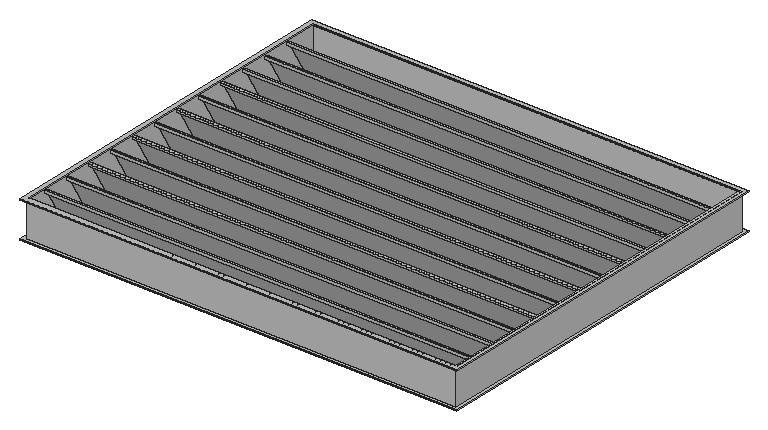
Revit family "Louver-Flanged_Frame-Carnes-Rectangular-Drainable_Blade-FTCB", category Air Terminals, host Face, Revit 2012
Parameters (values of type "(See Type Catalog)")
  ecoScorecard_data = ""
  ecoScorecard Product Page = "http://ecoscorecard.com/"
  URL = "http://www.carnes.com/index.html"
  Subcategory = "Louvers and Dampers"
  Specifications  URL = "http://www.carnes.com/Louvers/pdf/17126.pdf"
  Product Page URL = "http://www.carnes.com/Louvers/FPCB-FTCB.htm"
  Product Line = "Extruded Aluminum Drainable Blade Louvers"
  Pressure Drop = 0.00 Pa
  Point of Water Penetration = 1250 FPM
  Outside Width = Louver Width Control + 3/4" * 2  # 73 1/2"
  Outside Height = Louver Height Control + 3/4" * 2  # 61 1/2"
  Model = "FTCB"
  Minimum Size = "12\"W x 12\"H"
  Meets Building Code Standards = "Licensed to bear the AMCA seal"
  Maximum Vertical Size = "84\"W x 120\"H"
  Maximum Size Note = "Drainable blade louvers should be limited to 10’ maximum section widths (no more than 10’ between vertical downspouts) to enable the drainable design to function"
  Maximum Horinzontal Size = "120\"W x 84\"H"
  Manufacturer = "Carnes Company"
  Louver Width Control = if(Louver Width < 12", 12", if(Louver Width > 120", 120", Louver Width))  # 72"
  Louver Height Control = if(Louver Height < 12", 12", if(Louver Height > 120", 120", Louver Height))  # 60"
  Free Area Note = "See Spec Sheet URL"
  Free Area = 0.00 SF
  Description = "Extruded Aluminum Drainable Blade Louvers"
  Connector Description 1 = "Duct Connetor"
  Blades Quantity [instance] = (Louver Height Control - (Blade Offset from Frame - 3/4")) / 4 5/8"  # 12
  Manufacturer Phone = "608-845-6411"
  Manufacturer Fax = "608-845-6470"
  Manufacturer Email = "mailto:carnes@carnes.com"
  Manufacturer Address = "448 S. Main St., P. O. Box 930040, Verona, WI 53593-0040"
  Louver Width = 72"
  Louver Length = 6.2"
  Louver Height = 60"
  Blades Length [instance] = Louver Length - 1/2"  # 5.7"
  Frame Material = Aluminum - Carnes - Extruded
  Default Elevation = 48"
  Cost Info = "mailto:carnes@carnes.com"
  Catalog URL = "http://www.carnes.com/Louvers/pdf/f26-27.pdf"
  Symbol Blades Quantity = Louver Width / 3"  # 24
  Blade Offset from Frame [instance] = 4 1/2"
  Blade Material = Aluminum - Carnes - Extruded
  Assembly Code = "D3090700"
  Airflow = 0 CFM
  95 CSI = "10200"
  04 CSI = "08 91 00"
Reference planes (in)
  plane 1 "Center (Elevation)": y = 0
  plane 2: z = 0
  plane 3 "Center (Left/Right)": x = 0
  plane 4 "Rear": z = -6.2
  plane 5: z = -0.125
  plane 6: z = -6.075
  plane 7: z = -3.1
  plane 8: x = -36
  plane 9: x = 36
  plane 10: x = -36.75
  plane 11: x = 36.75
  plane 12: y = 30
  plane 13: y = -30
  plane 14: y = 30.75
  plane 15: y = -30.75
  plane 16 "Blade CL": y = 26.25
Forms (in)
  Extrusion 1, solid, material "Aluminum - Carnes - Extruded" <- "Frame Material"
    sketch origin (0, 0, 0) x (1, 0, 0) y (0, 1, 0)
      loop
        line (-36.75, 30.75) -> (-36.75, -30.75) -> (36.75, -30.75) -> (36.75, 30.75) -> (-36.75, 30.75)
      loop
        line (-36, 30) -> (-36, -30) -> (36, -30) -> (36, 30) -> (-36, 30)
    from -0.125 to 0
  Extrusion 2, solid, material "Aluminum - Carnes - Extruded" <- "Frame Material"
    sketch origin (0, 0, 0) x (1, 0, 0) y (0, 1, 0)
      loop
        line (-36.75, 30.75) -> (-36.75, -30.75) -> (36.75, -30.75) -> (36.75, 30.75) -> (-36.75, 30.75)
      loop
        line (-36, 30) -> (-36, -30) -> (36, -30) -> (36, 30) -> (-36, 30)
    from -6.2 to -6.075
  Extrusion 3, solid, material "Aluminum - Carnes - Extruded" <- "Frame Material"
    sketch origin (0, 0, 0) x (1, 0, 0) y (0, 1, 0)
      loop
        line (-36, 30) -> (-36, -30) -> (36, -30) -> (36, 30) -> (-36, 30)
      loop
        line (-36.125, 30.125) -> (-36.125, -30.125) -> (36.125, -30.125) -> (36.125, 30.125) -> (-36.125, 30.125)
    from -6.075 to -0.125
Lines and regions (in)
  Masking region 1, detail levels coarse
    outline origin (0, 0, 0) x (1, 0, 0) y (0, 0, 1)
      loop
        line (36.75, 0) -> (-36.75, 0) -> (-36.75, -6.2) -> (36.75, -6.2) -> (36.75, 0)
  Masking region 2, detail levels medium+fine
    outline origin (0, 0, 0) x (1, 0, 0) y (0, 0, 1)
      loop
        line (36.75, 0) -> (-36.75, 0) -> (-36.75, -0.125) -> (-36.125, -0.125) -> (-36.125, -6.075) -> (-36.75, -6.075) -> (-36.75, -6.2) -> (36.75, -6.2) -> (36.75, -6.075) -> (36.125, -6.075) -> (36.125, -0.125) -> (36.75, -0.125) -> (36.75, 0)
  symbolic lines, detail levels fine
    curve 1: line (36.125, 0, -0.125) -> (-36.125, 0, -0.125)
    curve 2: line (36.125, 0, -6.075) -> (-36.125, 0, -6.075)
  symbolic lines
    curve 3: line (36, 0, -0.1875) -> (35.52861, 0, -0.1875)
    curve 4: line (32.3704, 0, -6.0125) -> (33.94951, 0, -3.1)
    curve 5: line (33.94951, 0, -3.1) -> (35.52861, 0, -0.1875)
    curve 6: line (33, 0, -0.1875) -> (32.52861, 0, -0.1875)
    curve 7: line (29.3704, 0, -6.0125) -> (30.94951, 0, -3.1)
    curve 8: line (30.94951, 0, -3.1) -> (32.52861, 0, -0.1875)
    curve 9: line (30, 0, -0.1875) -> (29.52861, 0, -0.1875)
    curve 10: line (26.3704, 0, -6.0125) -> (27.94951, 0, -3.1)
    curve 11: line (27.94951, 0, -3.1) -> (29.52861, 0, -0.1875)
    curve 12: line (27, 0, -0.1875) -> (26.52861, 0, -0.1875)
    curve 13: line (23.3704, 0, -6.0125) -> (24.94951, 0, -3.1)
    curve 14: line (24.94951, 0, -3.1) -> (26.52861, 0, -0.1875)
    curve 15: line (24, 0, -0.1875) -> (23.52861, 0, -0.1875)
    curve 16: line (20.3704, 0, -6.0125) -> (21.94951, 0, -3.1)
    curve 17: line (21.94951, 0, -3.1) -> (23.52861, 0, -0.1875)
    curve 18: line (21, 0, -0.1875) -> (20.52861, 0, -0.1875)
    curve 19: line (17.3704, 0, -6.0125) -> (18.94951, 0, -3.1)
    curve 20: line (18.94951, 0, -3.1) -> (20.52861, 0, -0.1875)
    curve 21: line (18, 0, -0.1875) -> (17.52861, 0, -0.1875)
    curve 22: line (14.3704, 0, -6.0125) -> (15.94951, 0, -3.1)
    curve 23: line (15.94951, 0, -3.1) -> (17.52861, 0, -0.1875)
    curve 24: line (15, 0, -0.1875) -> (14.52861, 0, -0.1875)
    curve 25: line (11.3704, 0, -6.0125) -> (12.94951, 0, -3.1)
    curve 26: line (12.94951, 0, -3.1) -> (14.52861, 0, -0.1875)
    curve 27: line (12, 0, -0.1875) -> (11.52861, 0, -0.1875)
    curve 28: line (8.3704, 0, -6.0125) -> (9.94951, 0, -3.1)
    curve 29: line (9.94951, 0, -3.1) -> (11.52861, 0, -0.1875)
    curve 30: line (9, 0, -0.1875) -> (8.52861, 0, -0.1875)
    curve 31: line (5.3704, 0, -6.0125) -> (6.94951, 0, -3.1)
    curve 32: line (6.94951, 0, -3.1) -> (8.52861, 0, -0.1875)
    curve 33: line (6, 0, -0.1875) -> (5.52861, 0, -0.1875)
    curve 34: line (2.3704, 0, -6.0125) -> (3.94951, 0, -3.1)
    curve 35: line (3.94951, 0, -3.1) -> (5.52861, 0, -0.1875)
    curve 36: line (3, 0, -0.1875) -> (2.52861, 0, -0.1875)
    curve 37: line (-0.6296, 0, -6.0125) -> (0.94951, 0, -3.1)
    curve 38: line (0.94951, 0, -3.1) -> (2.52861, 0, -0.1875)
    curve 39: line (0, 0, -0.1875) -> (-0.47139, 0, -0.1875)
    curve 40: line (-3.6296, 0, -6.0125) -> (-2.05049, 0, -3.1)
    curve 41: line (-2.05049, 0, -3.1) -> (-0.47139, 0, -0.1875)
    curve 42: line (-3, 0, -0.1875) -> (-3.47139, 0, -0.1875)
    curve 43: line (-6.6296, 0, -6.0125) -> (-5.05049, 0, -3.1)
    curve 44: line (-5.05049, 0, -3.1) -> (-3.47139, 0, -0.1875)
    curve 45: line (-6, 0, -0.1875) -> (-6.47139, 0, -0.1875)
    curve 46: line (-9.6296, 0, -6.0125) -> (-8.05049, 0, -3.1)
    curve 47: line (-8.05049, 0, -3.1) -> (-6.47139, 0, -0.1875)
    curve 48: line (-9, 0, -0.1875) -> (-9.47139, 0, -0.1875)
    curve 49: line (-12.6296, 0, -6.0125) -> (-11.05049, 0, -3.1)
    curve 50: line (-11.05049, 0, -3.1) -> (-9.47139, 0, -0.1875)
    curve 51: line (-12, 0, -0.1875) -> (-12.47139, 0, -0.1875)
    curve 52: line (-15.6296, 0, -6.0125) -> (-14.05049, 0, -3.1)
    curve 53: line (-14.05049, 0, -3.1) -> (-12.47139, 0, -0.1875)
    curve 54: line (-15, 0, -0.1875) -> (-15.47139, 0, -0.1875)
    curve 55: line (-18.6296, 0, -6.0125) -> (-17.05049, 0, -3.1)
    curve 56: line (-17.05049, 0, -3.1) -> (-15.47139, 0, -0.1875)
    curve 57: line (-18, 0, -0.1875) -> (-18.47139, 0, -0.1875)
    curve 58: line (-21.6296, 0, -6.0125) -> (-20.05049, 0, -3.1)
    curve 59: line (-20.05049, 0, -3.1) -> (-18.47139, 0, -0.1875)
    curve 60: line (-21, 0, -0.1875) -> (-21.47139, 0, -0.1875)
    curve 61: line (-24.6296, 0, -6.0125) -> (-23.05049, 0, -3.1)
    curve 62: line (-23.05049, 0, -3.1) -> (-21.47139, 0, -0.1875)
    curve 63: line (-24, 0, -0.1875) -> (-24.47139, 0, -0.1875)
    curve 64: line (-27.6296, 0, -6.0125) -> (-26.05049, 0, -3.1)
    curve 65: line (-26.05049, 0, -3.1) -> (-24.47139, 0, -0.1875)
    curve 66: line (-27, 0, -0.1875) -> (-27.47139, 0, -0.1875)
    curve 67: line (-30.6296, 0, -6.0125) -> (-29.05049, 0, -3.1)
    curve 68: line (-29.05049, 0, -3.1) -> (-27.47139, 0, -0.1875)
    curve 69: line (-30, 0, -0.1875) -> (-30.47139, 0, -0.1875)
    curve 70: line (-33.6296, 0, -6.0125) -> (-32.05049, 0, -3.1)
    curve 71: line (-32.05049, 0, -3.1) -> (-30.47139, 0, -0.1875)
    curve 72: line (-33, 0, -0.1875) -> (-33.47139, 0, -0.1875)
    curve 73: line (-36.6296, 0, -6.0125) -> (-35.05049, 0, -3.1)
    curve 74: line (-35.05049, 0, -3.1) -> (-33.47139, 0, -0.1875)
    curve 75: line (32.3704, 0, -6.0125) -> (31.8704, 0, -6.0125)
    curve 76: line (29.3704, 0, -6.0125) -> (28.8704, 0, -6.0125)
    curve 77: line (26.3704, 0, -6.0125) -> (25.8704, 0, -6.0125)
    curve 78: line (23.3704, 0, -6.0125) -> (22.8704, 0, -6.0125)
    curve 79: line (20.3704, 0, -6.0125) -> (19.8704, 0, -6.0125)
    curve 80: line (17.3704, 0, -6.0125) -> (16.8704, 0, -6.0125)
    curve 81: line (14.3704, 0, -6.0125) -> (13.8704, 0, -6.0125)
    curve 82: line (11.3704, 0, -6.0125) -> (10.8704, 0, -6.0125)
    curve 83: line (8.3704, 0, -6.0125) -> (7.8704, 0, -6.0125)
    curve 84: line (5.3704, 0, -6.0125) -> (4.8704, 0, -6.0125)
    curve 85: line (2.3704, 0, -6.0125) -> (1.8704, 0, -6.0125)
    curve 86: line (-0.6296, 0, -6.0125) -> (-1.1296, 0, -6.0125)
    curve 87: line (-3.6296, 0, -6.0125) -> (-4.1296, 0, -6.0125)
    curve 88: line (-6.6296, 0, -6.0125) -> (-7.1296, 0, -6.0125)
    curve 89: line (-9.6296, 0, -6.0125) -> (-10.1296, 0, -6.0125)
    curve 90: line (-12.6296, 0, -6.0125) -> (-13.1296, 0, -6.0125)
    curve 91: line (-15.6296, 0, -6.0125) -> (-16.1296, 0, -6.0125)
    curve 92: line (-18.6296, 0, -6.0125) -> (-19.1296, 0, -6.0125)
    curve 93: line (-21.6296, 0, -6.0125) -> (-22.1296, 0, -6.0125)
    curve 94: line (-24.6296, 0, -6.0125) -> (-25.1296, 0, -6.0125)
    curve 95: line (-27.6296, 0, -6.0125) -> (-28.1296, 0, -6.0125)
    curve 96: line (-30.6296, 0, -6.0125) -> (-31.1296, 0, -6.0125)
    curve 97: line (-33.6296, 0, -6.0125) -> (-34.1296, 0, -6.0125)
    curve 98: line (-36.6296, 0, -6.0125) -> (-37.1296, 0, -6.0125)
Dimensions and locks (in)
  equal spacing: plane 15, plane 1 "Center (Elevation)", plane 14
  locked: plane 2 to plane 5 at 0.125
  locked: plane 6 to plane 4 "Rear" at 0.125
  "Louver Length": plane 2 to plane 4 "Rear"
  equal spacing: plane 5, plane 7, plane 6
  "Blade Offset from Frame": plane 14 to plane 16 "Blade CL"
  equal spacing: group 1, group 2, group 3, group 4, group 5, group 6, group 7, group 8, group 9, group 10, group 11, group 12  (x2)
  equal spacing: group 12, group 11, group 10, group 9, group 8, group 7, group 6, group 5, group 4, group 3, group 2, group 1
  locked: nested 1 to nested 2 at 4.64
  "Outside Height": plane 14 to plane 15
  equal spacing: plane 8, plane 3 "Center (Left/Right)", plane 9
  "Louver Width": plane 8 to plane 9
  equal spacing: plane 10, plane 3 "Center (Left/Right)", plane 11
  "Outside Width": plane 10 to plane 11
  equal spacing: plane 13, plane 1 "Center (Elevation)", plane 12
  "Louver Height": plane 13 to plane 12
  locked: curve 3 to plane 5 at 0.0625
  equal spacing: group 36, group 35, group 34, group 33, group 32, group 31, group 30, group 29, group 28, group 27, group 26, group 25, group 24, group 23, group 22, group 21, group 20, group 19, group 18, group 17, group 16, group 15, group 14, group 13
  equal spacing: group 13, group 14, group 15, group 16, group 17, group 18, group 19, group 20, group 21, group 22, group 23, group 24, group 25, group 26, group 27, group 28, group 29, group 30, group 31, group 32, group 33, group 34, group 35, group 36  (x2)
  locked: curve 51 to plane 5 at 0.0625
  locked: curve 5 to curve 8 at 3
  locked: plane 6 to curve 75 at 0.0625
  locked: curve 75 to plane 9 at 4.1296
  aligned and locked: plane 2 to host face
  aligned and locked: host face to level
  aligned and locked: plane 10 to Extrusion 1 sketch curve
  aligned and locked: Extrusion 1 sketch curve to plane 14
  aligned and locked: plane 15 to Extrusion 1 sketch curve
  aligned and locked: plane 11 to Extrusion 1 sketch curve
  aligned and locked: plane 8 to Extrusion 1 sketch curve
  aligned and locked: Extrusion 1 sketch curve to plane 12
  aligned and locked: plane 13 to Extrusion 1 sketch curve
  aligned and locked: plane 9 to Extrusion 1 sketch curve
  aligned and locked: Extrusion 1 to plane 5
  aligned and locked: plane 2 to Extrusion 1
  aligned and locked: Extrusion 2 sketch curve to Extrusion 1  (x6)
  aligned and locked: Extrusion 1 to Extrusion 2 sketch curve  (x2)
  aligned and locked: plane 6 to Extrusion 2
  aligned and locked: Extrusion 2 to plane 4 "Rear"
  aligned and locked: plane 8 to Extrusion 3 sketch curve
  aligned and locked: Extrusion 3 sketch curve to Extrusion 1  (x3)
  aligned and locked: plane 5 to Extrusion 3
  aligned and locked: Extrusion 3 to plane 6
  aligned and locked: plane 7 to nested 1
  aligned and locked: nested 1 to plane 16 "Blade CL"
  aligned and locked: plane 11 to Masking region 1 sketch curve
  aligned and locked: Masking region 1 sketch curve to plane 2
  aligned and locked: plane 4 "Rear" to Masking region 1 sketch curve
  aligned and locked: plane 10 to Masking region 1 sketch curve
  aligned and locked: Masking region 2 sketch curve to level
  aligned and locked: Masking region 2 sketch curve to plane 11  (x2)
  aligned and locked: plane 5 to Masking region 2 sketch curve  (x2)
  aligned and locked: Masking region 2 sketch curve to Extrusion 3  (x2)
  aligned and locked: plane 6 to Masking region 2 sketch curve  (x2)
  aligned and locked: plane 4 "Rear" to Masking region 2 sketch curve
  aligned and locked: Masking region 2 sketch curve to plane 10  (x2)
  aligned and locked: Extrusion 3 to curve 1  (x2)
  aligned and locked: curve 1 to plane 5
  aligned and locked: Extrusion 3 to curve 2  (x2)
  aligned and locked: curve 2 to plane 6
Automatic sketch dimensions
  Extrusion 3 sketch curve to plane 8 = 1/8"
  Extrusion 3 sketch curve to plane 9 = 1/8"
  plane 13 to Extrusion 3 sketch curve = 1/8"
  plane 12 to Extrusion 3 sketch curve = 1/8"
  host sketch curve to host sketch curve = 122.28147"
  host sketch curve to host sketch curve = 173.35151"
  curve 4 to curve 5 = 3.31304"  (x4)
  curve 3 to curve 3 = 0.47139"
  curve 75 to curve 75 = 1/2"
  curve 76 to curve 76 = 1/2"
  curve 77 to curve 77 = 1/2"
  curve 78 to curve 78 = 1/2"
  curve 79 to curve 79 = 1/2"
  curve 80 to curve 80 = 1/2"
  curve 81 to curve 81 = 1/2"
  curve 82 to curve 82 = 1/2"
  curve 83 to curve 83 = 1/2"
  curve 84 to curve 84 = 1/2"
  curve 85 to curve 85 = 1/2"
  curve 86 to curve 86 = 1/2"
  curve 87 to curve 87 = 1/2"
  curve 88 to curve 88 = 1/2"
  curve 89 to curve 89 = 1/2"
  curve 90 to curve 90 = 1/2"
  curve 91 to curve 91 = 1/2"
  curve 92 to curve 92 = 1/2"
  curve 93 to curve 93 = 1/2"
  curve 94 to curve 94 = 1/2"
  curve 95 to curve 95 = 1/2"
  curve 96 to curve 96 = 1/2"
  curve 97 to curve 97 = 1/2"
  curve 98 to curve 98 = 1/2"
Nested families (in)
  nested 1: "Louver_Blade-Carnes" at (0, 26.25, -3.1), type "Standard"
    with Width 72", Length 5.7"
  nested 2: "Louver_Blade-Carnes" at (0, 21.61, -3.09583), type "Standard"
    with Width 72", Length 5.7"
  nested 3: "Louver_Blade-Carnes" at (0, 16.97, -3.09167), type "Standard"
    with Width 72", Length 5.7"
  nested 4: "Louver_Blade-Carnes" at (0, 12.33, -3.0875), type "Standard"
    with Width 72", Length 5.7"
  nested 5: "Louver_Blade-Carnes" at (0, 7.69, -3.08333), type "Standard"
    with Width 72", Length 5.7"
  nested 6: "Louver_Blade-Carnes" at (0, 3.05, -3.07917), type "Standard"
    with Width 72", Length 5.7"
  nested 7: "Louver_Blade-Carnes" at (0, -1.59, -3.075), type "Standard"
    with Width 72", Length 5.7"
  nested 8: "Louver_Blade-Carnes" at (0, -6.23, -3.07083), type "Standard"
    with Width 72", Length 5.7"
  nested 9: "Louver_Blade-Carnes" at (0, -10.87, -3.06667), type "Standard"
    with Width 72", Length 5.7"
  nested 10: "Louver_Blade-Carnes" at (0, -15.51, -3.0625), type "Standard"
    with Width 72", Length 5.7"
  nested 11: "Louver_Blade-Carnes" at (0, -20.15, -3.05833), type "Standard"
    with Width 72", Length 5.7"
  nested 12: "Louver_Blade-Carnes" at (0, -24.79, -3.05417), type "Standard"
    with Width 72", Length 5.7"
Connectors (in)
  hvac at (0, 0, -6.2), driven by "Louver Height Control", driven by "Louver Width Control", driven by "Connector Description 1", driven by "Airflow", driven by "Pressure Drop"
    settings: on Extrusion 2, index 1, duct flow 0 CFM, flow factor 0, pres drop 0.00 Pa, loss coef 0, conn angle 0.00°, conn width 72", conn height 60", conn radius 12", duct sys type 29, conn prof type 1, flow config 0, flow direction 0, loss method 4, conn ref index -1, conn util no, is conn primary yes, conn desc "Duct Connetor"
Definition of nested family "Louver_Blade-Carnes"
  Parameters (values of type "Standard")
    Width = 12"
    Blade Material = none
    Length = 5 1/2"
    Assembly Code = ""
  Reference planes (in)
    plane 1 "Center (Front/Back)": y = 0
    plane 2: z = 0
    plane 3 "Center (Left/Right)": x = 0
    plane 4: y = 2
    plane 5: y = -2
    plane 6: z = 2.75
    plane 7: z = -2.75
    plane 8: x = -6
    plane 9: x = 6
  Forms (in)
    Sweep 1, solid, material <- "Blade Material"
      path origin (0, 0, 0) x (1, 0, 0) y (0, 1, 0)
        loop
          line (-6, 0) -> (6, 0)
      profile origin (0, 0, 0) x (0, 1, 0) y (0, 0, 1)
        loop
          line (-2, 2.75) -> (-2, 2.34375) -> (-1.9375, 2.34375) -> (-1.9375, 2.6875) -> (-1.60161, 2.6875) -> (-0.00915, 0.00388) -> (1.625, -2.75) -> (2, -2.75) -> (2, -2.34375) -> (1.9375, -2.34375) -> (1.9375, -2.6875) -> (1.66411, -2.6875) -> (0.10505, -0.06016) -> (-1.5625, 2.75) -> (-2, 2.75)
  Dimensions and locks (in)
    equal spacing: plane 4, plane 1 "Center (Front/Back)", plane 5
    locked: plane 4 to plane 5 at 4
    equal spacing: plane 7, plane 2, plane 6
    "Length": plane 7 to plane 6
    equal spacing: plane 8, plane 3 "Center (Left/Right)", plane 9
    "Width": plane 8 to plane 9
    locked: Sweep 1 sketch curve to Sweep 1 sketch curve at 0.0625  (x4)
    locked: Sweep 1 sketch curve to Sweep 1 sketch curve at 0.375
    locked: Sweep 1 sketch curve to Sweep 1 sketch curve at 0.4375
    locked: Sweep 1 sketch curve to Sweep 1 sketch curve at 0.06553  (x2)
    aligned and locked: plane 1 "Center (Front/Back)" to Sweep 1 sketch curve
    aligned and locked: plane 8 to Sweep 1 sketch curve
    aligned and locked: plane 9 to Sweep 1 sketch curve
    aligned and locked: plane 7 to Sweep 1 sketch curve
    aligned and locked: plane 4 to Sweep 1 sketch curve
    aligned and locked: plane 6 to Sweep 1 sketch curve
    aligned and locked: plane 5 to Sweep 1 sketch curve
    aligned and locked: Sweep 1 sketch curve to Sweep 1 sketch curve  (x2)
  Automatic sketch dimensions
    Sweep 1 sketch curve to Sweep 1 sketch curve = 11/32"  (x2)
    profile plane to Sweep 1 sketch curve = 0.00915"
    Sweep 1 sketch curve to profile plane = 0.10505"
